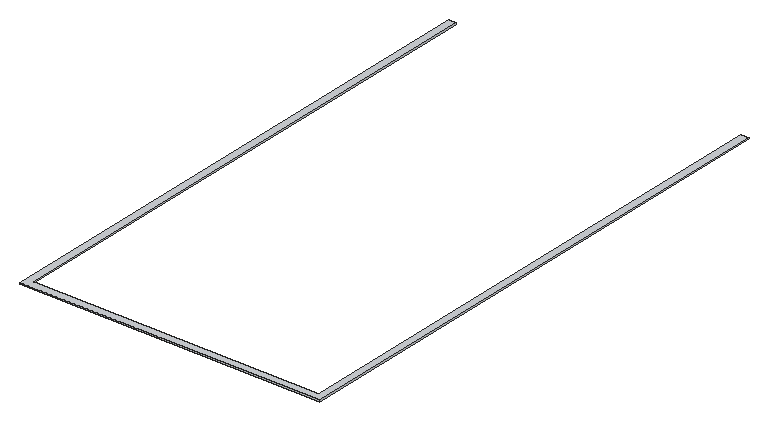
Revit family "321723 - Pavement Markings - Parking - Angled", category Parking, Revit 2020
Family settings
  Work Plane-Based = No
  Always vertical = Yes
  Cut with Voids When Loaded = No
  Shared = No
Parameters (values of type "STALL")
  run [instance] = 4' - 0"
  Width_Host = 9' - 7 51/256"
  Single_Parking_Visiblity [instance] = ParkingUnits = 1  # yes
  Parking_Count [instance] = if((run / Offset) < 2, 2, (run / Offset))  # 2
  ParkingUnits [instance] = roundup(run / Offset)  # 1
  Parking Strip Width = 0' - 3"
  Offset = Width_Host / sin(Angle_Host)  # 9' - 7 51/256"
  Multiple_Parking_Visiblity [instance] = ParkingUnits > 1  # no
  Length_Host = 17' - 7 51/256"
  Angle_Host = 90.00°
Types (2): name | run | Width_Host | Single_Parking_Visiblity | Parking_Count | ParkingUnits | Parking Strip Width | Offset | Multiple_Parking_Visiblity | Length_Host
  BIKE | 8' - 0" | 1' - 6" | no | 5 | 6 | 0' - 1" | 1' - 6" | yes | 6' - 0"
  STALL | 4' - 0" | 9' - 7 51/256" | yes | 2 | 1 | 0' - 3" | 9' - 7 51/256" | no | 17' - 7 51/256"
Reference planes (in)
  plane 1 "Center (Front/Back)": y = 0
  plane 2: z = 0
  plane 3 "Center (Left/Right)": x = 0
  plane 4: x = 48
Lines and regions (in)
  reference lines
    curve 1: line (0, 0, 0) -> (115.19922, 0, 0)
    curve 2: line (115.19922, 0, 0) -> (115.19922, 211.19922, 0)
Dimensions and locks (in)
  "Width_Host": curve 2 to curve 1
  "Offset": plane 3 "Center (Left/Right)" to curve 2
  "Length_Host": curve 2 to curve 2
  "run": plane 3 "Center (Left/Right)" to plane 4
  group 1 to group 2 = 9' - 7 51/256"
  group 1 to group 2 = 0' - 0"  (x2)
  "Offset": curve 2 to nested 2
  "Angle_Host": angle plane 1 "Center (Front/Back)" to curve 2
  aligned and locked: plane 2 to level
Automatic sketch dimensions
  plane 1 "Center (Front/Back)" to curve 1 = 0' - 0"
Nested families (in)
  nested 1: "Single Angular Parking Stripe" at (0, 0, 0), visible <- "Multiple_Parking_Visiblity", type "1st Type"
    with lenght of stall 17' - 7 51/256", Width of Parking Stripe 0' - 3", Width of Parking 9' - 7 51/256", Half Width of Parking Stripe 0' - 1 1/2", Angle of Parking 90.00°
  nested 2: "Single Angular Parking Stripe" at (115.19922, 0, 0), visible <- "Multiple_Parking_Visiblity", type "1st Type"
    with lenght of stall 17' - 7 51/256", Width of Parking Stripe 0' - 3", Width of Parking 9' - 7 51/256", Half Width of Parking Stripe 0' - 1 1/2", Angle of Parking 90.00°
  nested 3: "Single Angular Parking Stripe" at (0, 0, 0), visible <- "Single_Parking_Visiblity", type "1st Type"
    with lenght of stall 17' - 7 51/256", Width of Parking Stripe 0' - 3", Width of Parking 9' - 7 51/256", Half Width of Parking Stripe 0' - 1 1/2", Angle of Parking 90.00°
Definition of nested family "Single Angular Parking Stripe"
  Parameters (values of type "1st Type")
    lenght of stall = 18' - 0"
    Width of Parking Stripe = 0' - 4"
    Width of Parking = 8' - 0"
    Half Width of Parking Stripe = Width of Parking Stripe / 2  # 0' - 2"
    Default Elevation = 0' - 0"
    Angle of Parking = 45.00°
  Reference planes (in)
    plane 1 "Center (Front/Back)": y = 0
    plane 2: z = 0
    plane 3 "Center (Left/Right)": x = 0
    plane 4: y = 4
  Forms (in)
    Extrusion 1, solid
      sketch origin (0, 0, 0) x (1, 0, 0) y (0, 1, 0)
        loop
          line (152.73506, 152.73506) -> (0, 0) -> (141.42136, 0) -> (291.32799, 149.90664) -> (288.49957, 152.73506) -> (139.7645, 4) -> (9.65685, 4) -> (155.56349, 149.90664) -> (152.73506, 152.73506)
      from 0 to 0.47848
  Lines and regions (in)
    reference lines
      curve 1: line (0, 0, 0) -> (152.73506, 152.73506, 0)
      curve 2: line (9.65685, 4, 0) -> (155.56349, 149.90664, 0)
      curve 3: line (141.42136, 0, 0) -> (291.32799, 149.90664, 0)
      curve 4: line (135.7645, 0, 0) -> (288.49957, 152.73506, 0)
      curve 5: line (152.73506, 152.73506, 0) -> (155.56349, 149.90664, 0)
      curve 6: line (288.49957, 152.73506, 0) -> (291.32799, 149.90664, 0)
      curve 7: line (0, 0, 0) -> (141.42136, 0, 0)
      curve 8: line (135.7645, 0, 0) -> (135.7645, -19, 0)
    model lines
      curve 9: line (154.14928, 151.32085, 0.47848) -> (4.82843, 2, 0.47848)
      curve 10: line (4.82843, 2, 0.47848) -> (140.59293, 2, 0.47848)
      curve 11: line (140.59293, 2, 0.47848) -> (289.91378, 151.32085, 0.47848)
  Dimensions and locks (in)
    "Width of Parking Stripe": curve 2 to curve 1
    "Width of Parking Stripe": plane 4 to plane 1 "Center (Front/Back)"
    "Width of Parking Stripe": curve 3 to curve 4
    "lenght of stall": curve 1 to curve 5
    "Width of Parking": curve 4 to curve 1
    "lenght of stall": curve 4 to curve 6
    "Half Width of Parking Stripe": curve 9 to curve 1
    "Half Width of Parking Stripe": plane 1 "Center (Front/Back)" to curve 10
    "Half Width of Parking Stripe": curve 11 to curve 4
    "Angle of Parking": angle plane 1 "Center (Front/Back)" to curve 1
    aligned and locked: plane 2 to level
    aligned and locked: Extrusion 1 sketch curve to curve 1
    aligned and locked: curve 2 to Extrusion 1 sketch curve
    aligned and locked: plane 1 "Center (Front/Back)" to Extrusion 1 sketch curve
    aligned and locked: plane 4 to Extrusion 1 sketch curve
    aligned and locked: Extrusion 1 sketch curve to curve 3
    aligned and locked: Extrusion 1 sketch curve to curve 4
    aligned and locked: Extrusion 1 sketch curve to curve 5
    aligned and locked: Extrusion 1 sketch curve to curve 6
    aligned and locked: plane 1 "Center (Front/Back)" to curve 7
    aligned and locked: plane 4 to curve 2
    aligned and locked: plane 3 "Center (Left/Right)" to curve 1
    aligned and locked: plane 1 "Center (Front/Back)" to curve 4
    aligned and locked: curve 5 to curve 9
    aligned and locked: curve 6 to curve 11
  Automatic sketch dimensions
    curve 8 to curve 4 = 0' - 0"
    curve 8 to curve 8 = 1' - 7"
